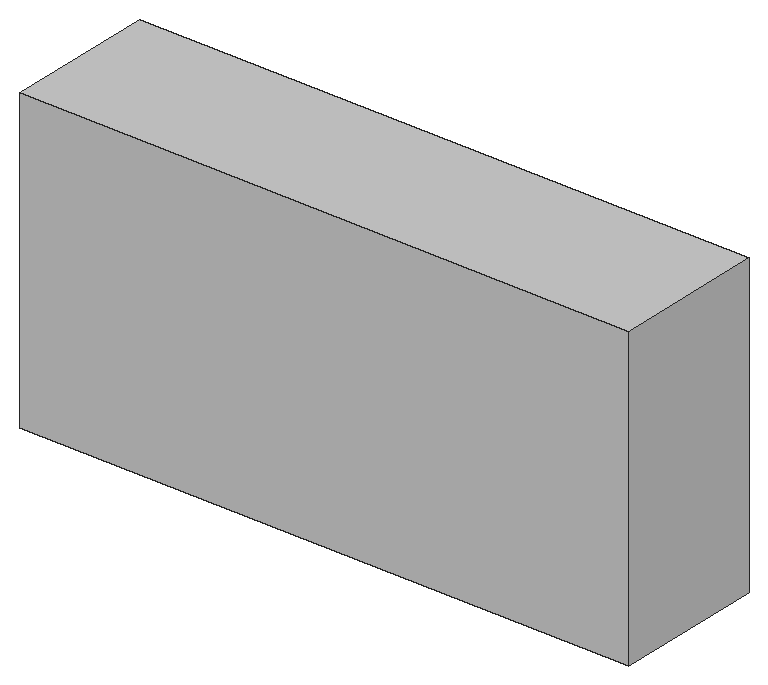
Revit family "da30fbd8acb247729fda761e288cfe63", category Structural Framing, Revit 2025
Family settings
  Display in Hidden Views = Edges Hidden by Other Members
  Structural Framing Length Roundoff = 0 mm
  Section Shape = Not Defined
  Material for Model Behavior = Concrete
  Always export as geometry = No
  OmniClass Number = 23.25.30.11.14.14
  OmniClass Title = Beams
  Seek Item ID = Concrete-Rectangular Beam-0000-CAN-ENU
  Always vertical = Yes
  Cut with Voids When Loaded = No
  Symbolic Representation = From Family
  Shared = No
  Show family pre-cut in plan views = Yes
Parameters (values of type "300 x 600mm")
  Structural Material [instance] = Concrete, Cast-in-Place gray
  Assembly Code = ""
  Length [instance] = 1524 mm
  b = 300 mm
  h = 600 mm
Types (3, lengths in mm): name | b | h
  (no name) | 300 | 600
  400 x 800mm | 400 | 800
  300 x 600mm | 300 | 600
Reference planes
  plane 1 "Center (Front/Back)": y = 0
  plane 2: z = 0
  plane 3 "Center (Left/Right)": x = 4.61
  plane 4 "Member Left": x = -604.99
  plane 5 "Member Right": x = 614.21
  plane 6: y = 150
  plane 7: y = -150
  plane 8: z = 300
  plane 9 "Bottom": z = -300
  plane 10 "Left": x = -757.39
  plane 11 "Right": x = 766.61
Forms (mm)
  Sweep 1, solid, material "Concrete, Cast-in-Place gray" <- "Structural Material"
    path origin (0, 0, 0) x (1, 0, 0) y (0, 1, 0)
      loop
        line (614.21, 0) -> (-604.99, 0)
    profile "M_Rectangular Beam-Profile : M_Rectangular Beam-Profile" origin (4.61, 0, 0) x (0, -1, 0) y (0, 0, 1)
      loop
        line (-150, -300) -> (150, -300) -> (150, 300) -> (-150, 300) -> (-150, -300)
Dimensions and locks
  "b": plane 6 to plane 7
  equal spacing: plane 9 "Bottom", plane 2, plane 8
  equal spacing: plane 6, plane 1 "Center (Front/Back)", plane 7
  "h": plane 9 "Bottom" to plane 8
  "Length": plane 10 "Left" to plane 11 "Right"
  aligned and locked: Sweep 1 sketch curve to plane 1 "Center (Front/Back)"
  aligned and locked: plane 4 "Member Left" to Sweep 1 sketch curve
  aligned and locked: plane 5 "Member Right" to Sweep 1 sketch curve
